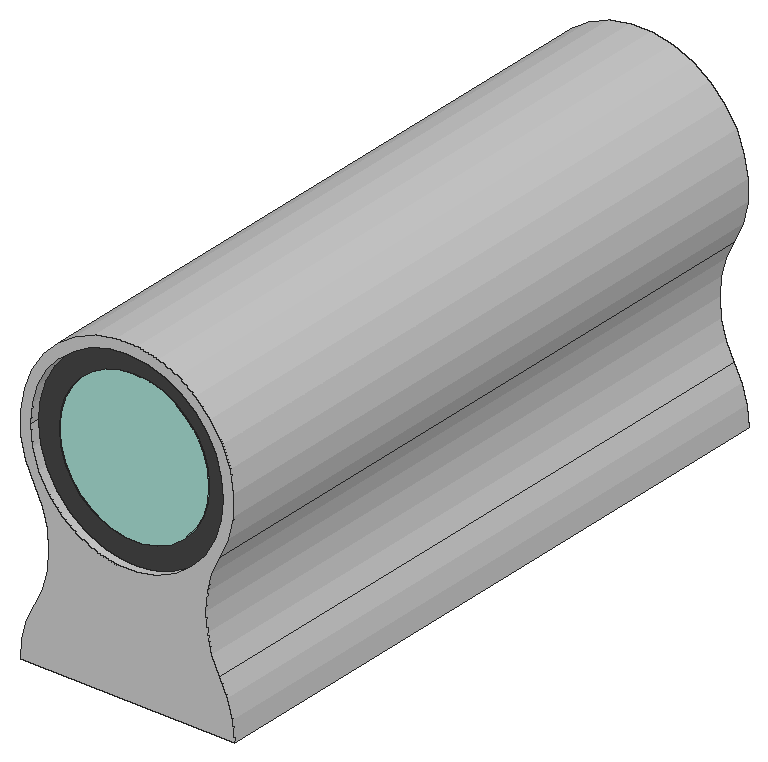
Revit family "Intono 2.1", category Lighting Fixtures, host Face, Revit 2017
Family settings
  Host = Face
  Round Connector Dimension = Use Diameter
  Part Type = Normal
  Cut with Voids When Loaded = Yes
  Light Source = Yes
  Shared = No
  Room Calculation Point = Yes
Parameters (values of type "Intono 2.1 D (3000K 6W 230Vac)")
  Wiring = "parallel"
  Width mm = 76 mm
  Weight kg = "0.63 kg"
  Wattage = 3.04291 W
  built-in parameter 1150110 = 1 (stored number, unit not read)
  Voltage = 230 V
  URL Accessories and power supply units = "https://www.lucelight.it/en/prodotto.php/122301#a-scheda-accessori"
  URL = "https://www.lucelight.it/en/prodotto.php/122301"
  built-in parameter 1114217 = 1 (stored number, unit not read)
  Tiltable = "-"
  URL Technical sheet = "https://www.lucelight.it/media/prodotti/st/ST_INTONO_21-22.pdf"
  URL Image = "https://www.lucelight.it/media/prodotti/foto/intono_2.1_still.jpg"
  URL IES Photometric file = "https://www.lucelight.it/media/prodotti/fotometrie/intono_2.1_ies.zip"
  URL General code = "https://www.lucelight.it/en/prodotto.php/122301#a-generacodice"
  URL Description = "https://www.lucelight.it/en/capitolato.php/122301"
  URL DXF = "https://www.lucelight.it/media/prodotti/dxf/intono_2.1.dxf"
  URL Catalogue = "https://www.lucelight.it/media/prodotti/mf_brochure/intono_brochure_en.pdf"
  Tilt Angle = 180.00°
  built-in parameter 1150109 = 1 (stored number, unit not read)
  built-in parameter 1150134 = (empty or 0)
  built-in parameter 1150113 = 1 (stored number, unit not read)
  Screen = L&L_Black-serigraphed
  Power supply unit = "built in"
  Power supply = "230Vac"
  Power cables = "-"
  Power = "6W"
  Photometric Web File = "INTONO 2.1 D [3000K 6W 230Vac].IES"
  Optics = "diffuse"
  Notes = "version compatible with Google Home or Amazon Echo available on request for voice command control"
  No. and type of led = "1 power LED, 3-step MacAdam, 50 000h L90 B10 (Ta 25°C)"
  Mounting = "surface mounted (wall)"
  Model = "Intono 2.1"
  Material = "body in die-cast aluminium, screen in black-serigraphed, tempered, transparent extra-clear glass"
  Manufacturer = "L&L Luce&Light"
  built-in parameter 1150105 = 35.969 (stored number, unit not read)
  Lumens = 452 lm
  built-in parameter 1150115 = 1 (stored number, unit not read)
  Lumen output at source = "488 lm (3000K, CRI 80), 452 lm (3000K, CRI 90)"
  built-in parameter 1150137 = (empty or 0)
  built-in parameter 1150139 = (empty or 0)
  Lens = L&L_Tempered extra-clear glass
  Length mm = 50 mm
  built-in parameter 1150112 = 1 (stored number, unit not read)
  built-in parameter 1150114 = 1 (stored number, unit not read)
  LED Colour = "3000K (also available: 2700K and 4000K - ref. URL Technical sheet)"
  built-in parameter 1150132 = 2
  built-in parameter 1150102 = (empty or 0)
  built-in parameter 1150107 = 3000 (stored number, unit not read)
  built-in parameter 1150138 = (empty or 0)
  built-in parameter 1150106 = 0.35969 (stored number, unit not read)
  IP = "IP65"
  Height mm = 150 mm
  Features = "-"
  Energy efficiency class = "A A+ A++"
  Emit from Line Length = 609.6 mm
  built-in parameter 1150104 = 13.8 (stored number, unit not read)
  Dimming Lamp Color Temperature Shift = <None>
  Description = "Wall mounted for outdoor applications"
  Delivered lumen output = "352 lm (3000K, 34°, CRI 80), 326 lm (3000K, 34°, CRI 90)"
  Default Elevation = 1219.2 mm
  Cutout dimensions = "-"
  Control system = "-"
  Contact = "T: +39 0444 360571; E: lucelight@lucelight.it"
  Company = "L&L Luce&Light"
  Color Filter = 16777215
  Code = "-"
  CRI = "90 (also available: CRI 80 - ref. URL Technical sheet)"
  Body = L&L_Die-cast aluminium
  built-in parameter 1114218 = 1 (stored number, unit not read)
  built-in parameter 1150133 = 10 (stored number, unit not read)
  Apparent Load Phase 1 = 6 W
  Apparent Load = 0 VA
Types (5, lengths in mm): name | Photometric Web File | Optics
  Intono 2.1 D (3000K 6W 230Vac) | "INTONO 2.1 D [3000K 6W 230Vac].IES" | "diffuse"
  Intono 2.1 K 68° (3000K 6W 230Vac) | "INTONO 2.1 K 68° [3000K 6W 230Vac].IES" | "68°"
  Intono 2.1 M 34° (3000K 6W 230Vac) | "INTONO 2.1 M 34° [3000K 6W 230Vac].IES" | "34°"
  Intono 2.1 T 11° (3000K 6W 230Vac) | "INTONO 2.1 T 11° [3000K 6W 230Vac].IES" | "11°"
  Intono 2.1 Z 8° (3000K 6W 230Vac) | "INTONO 2.1 Z 8° [3000K 6W 230Vac].IES" | "asymmetrical 8°"
Reference planes
  plane 1 "Center (Front/Back)": y = 0
  plane 2: z = 0
  plane 3 "Center (Left/Right)": x = 0
  plane 4: z = 30.8
Forms (mm)
  Extrusion 1, solid, material "L&L_Die-cast aluminium" <- "Body", detail levels coarse
    sketch origin (0, 75, 0.3) x (1, 0, 0) y (0, 0, 1)
      loop
        line (-25, 75.5) -> (-25, -0.3) -> (25, -0.3) -> (25, 75.5) -> (-25, 75.5)
    from 0 to 150
  Extrusion 2, solid, material "L&L_Die-cast aluminium" <- "Body", detail levels fine
    sketch origin (0, 75, 0.3) x (1, 0, 0) y (0, 0, 1)
      loop
        arc (-21.651, 38) -> (-18.301, 25.5) -> (-21.651, 13) r 25
        arc (-21.651, 13) -> (-24.148, 6.97) -> (-25, 0.5) r 25
        line (-25, 0.5) -> (25, 0.5)
        arc (25, 0.5) -> (24.148, 6.97) -> (21.651, 13) r 25
        arc (21.651, 13) -> (18.301, 25.5) -> (21.651, 38) r 25
        arc (21.651, 38) -> (0, 75.5) -> (-21.651, 38) r 25
    from 0 to 150
  Extrusion 3, void
    sketch origin (0, 0, 24.8) x (1, 0, 0) y (0, 0, 1)
      loop
        circle (0, 26) r 22.573
    from 71.977 to 84.39
  Extrusion 4, solid, material "L&L_Die-cast aluminium" <- "Body", detail levels medium
    sketch origin (0, 75, 0.3) x (1, 0, 0) y (0, 0, 1)
      loop
        arc (-21.651, 38) -> (-18.301, 25.5) -> (-21.651, 13) r 25
        arc (-21.651, 13) -> (-24.148, 6.97) -> (-25, 0.5) r 25
        line (-25, 0.5) -> (25, 0.5)
        arc (25, 0.5) -> (24.148, 6.97) -> (21.651, 13) r 25
        arc (21.651, 13) -> (18.301, 25.5) -> (21.651, 38) r 25
        arc (21.651, 38) -> (0, 75.5) -> (-21.651, 38) r 25
    from 0 to 150
  Extrusion 5, solid, detail levels medium+fine
    sketch origin (0, 0, 0) x (1, 0, 0) y (0, 1, 0)
      loop
        arc (15, 50) -> (0, 65) -> (-15, 50) r 15
        line (-15, 50) -> (-15, -50)
        arc (-15, -50) -> (0, -65) -> (15, -50) r 15
        line (15, -50) -> (15, 50)
    from 0 to 0.8
  Extrusion 6, solid, material "L&L_Black-serigraphed" <- "Screen", detail levels fine
    sketch origin (0, -145.477, 24.5) x (1, 0, 0) y (0, 0, 1)
      loop
        circle (0, 26.3) r 17.5
      loop
        circle (0, 26.3) r 22.573
    from -73.5 to -72.5
  Extrusion 7, solid, material "L&L_Tempered extra-clear glass" <- "Lens", detail levels fine
    sketch origin (0, -145.477, 24.5) x (1, 0, 0) y (0, 0, 1)
      loop
        circle (0, 26.3) r 17.5
    from -73.5 to -72.5
Cuts and joins
  Extrusion 3 cuts Extrusion 2
Dimensions and locks
  aligned and locked: plane 2 to host face
  aligned and locked: level to host face
Connectors
  electrical at (0, 0, 0), driven by "Apparent Load Phase 1", driven by "Voltage"
    settings: index 1, voltage 230 V, apparent load 0 VA, apparent load phase1 6 VA, apparent load phase2 0 VA, apparent load phase3 0 VA, power factor 1, load classification "Lighting", number of poles 1, system type 31, power factor state 1, is connector primary yes, connector utility no, sub classification motor no, connector description ""
